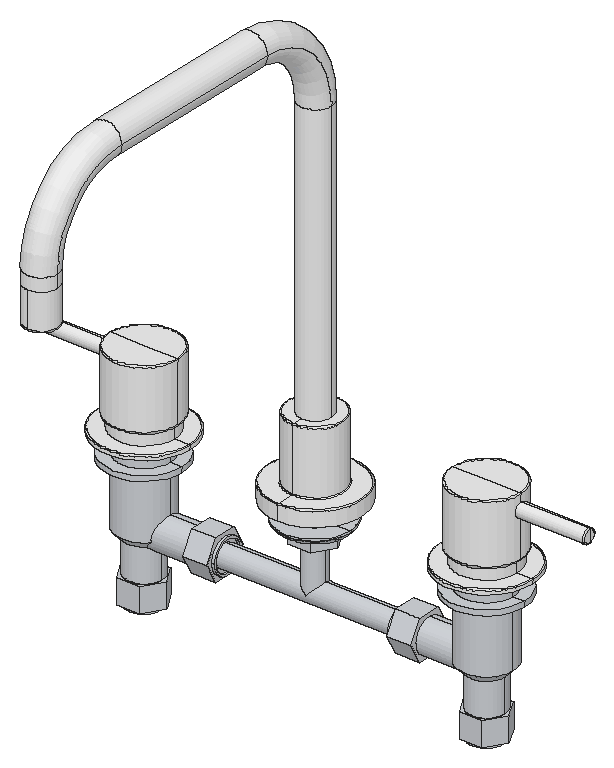
Revit family "Reece_Tap_Sussex_Scala_Square_Sink Set", category Plumbing Fixtures, host Face, Revit 2018
Family settings
  Host = Face
  Round Connector Dimension = Use Diameter
  Part Type = Normal
  Cut with Voids When Loaded = No
  Shared = Yes
  Room Calculation Point = Yes
Parameters (values of type "200 mm_3 Star_Satin Chrome")
  WFU = 0  # constant formula
  URL = "https://www.reece.com.au/product/-2261656"
  Type Comments = "Tap"
  Reece_Tap_Reach = 200 mm  # constant formula
  Reece_Tap_Projection = 80 mm  # constant formula
  Reece_Tap_Inlet = 12 mm  # constant formula
  Reece_Tap_Handle_Spacing [instance] = if(Reece_Tap_Axis Distance < 70 mm, 70 mm, if(Reece_Tap_Axis Distance > 70 mm, Reece_Tap_Axis Distance, Reece_Tap_Axis Distance))  # 100 mm
  Reece_Tap_Handle_Height = 45 mm  # constant formula
  Reece_Tap_Handle_Bottom_Height = 10 mm  # constant formula
  Reece_Tap_Clearance = 180 mm  # constant formula
  Reece_Tap_Axis Distance [instance] = 100 mm
  Reece_Product_Web Page = "https://www.reece.com.au/product/-2261656"
  Reece_Product_Type = "Tap"  # constant formula
  Reece_Product_Sub Brand = "Scala"  # constant formula
  Reece_Product_Number = "2261656"
  Reece_Product_Mount = "Hob Mounted"
  Reece_Product_Description = "Sussex Scala Hob Sink Set Square Satin Chrome (3 Star)"
  Reece_Product_Brand = "Sussex"  # constant formula
  Reece_Overall_Length = 260 mm  # constant formula
  Reece_Overall_Height = 265 mm  # constant formula
  Reece_Overall_Diameter = 19 mm  # constant formula
  Reece_Material_Main = Reece_Brass_Satin Chrome
  Reece_Detail_Type = "Sink Set"  # constant formula
  Reece_Detail_Shape = "Square"  # constant formula
  Reece_Detail_Installation = ""
  Reece_Detail_Disclaimer = "THIS FILE IS THE PROPERTY OF THE REECE GROUP. IT MAY NOT BE REPRODUCED, REVERSE-ENGINEERED OR MODIFIED. ANY REPUBLICATION, TRANSMISSION OR DISTRIBUTION FOR THE PURPOSE OF COMMERCIALLY EXPLOITING THE FILES IS PROHIBITED."  # constant formula
  Reece_Detail_Connector = ""
  Reece_Backplate_Thickness = 2.5 mm  # constant formula
  Model = "Scala"
  Manufacturer = "Sussex"
  Keynote = "Product #2261656, Reece_Tap_Sussex_Scala_Square_Sink Set - 200 mm_3 Star_Satin Chrome"
  HWFU = 0  # constant formula
  Disclaimer = "THIS FILE IS THE PROPERTY OF THE REECE GROUP. IT MAY NOT BE REPRODUCED, REVERSE-ENGINEERED OR MODIFIED. ANY REPUBLICATION, TRANSMISSION OR DISTRIBUTION FOR THE PURPOSE OF COMMERCIALLY EXPLOITING THE FILES IS PROHIBITED."  # constant formula
  Description = "Scala Hob Sink Set Square Satin Chrome (3 Star)"
  Default Elevation = 1000 mm
  CWFU = 0  # constant formula
Types (3, lengths in mm): name | URL | Reece_Product_Web Page | Reece_Product_Number | Reece_Product_Description | Reece_Material_Main | Keynote | Description
  200 mm_3 Star_Chrome | "https://www.reece.com.au/product/-2261611" | "https://www.reece.com.au/product/-2261611" | "2261611" | "Sussex Scala Hob Sink Set Square Chrome (3 Star)" | Reece_Brass_Chrome | "Product #2261611, Reece_Tap_Sussex_Scala_Square_Sink Set - 200 mm_3 Star_Chrome" | "Scala Hob Sink Set Square Chrome (3 Star)"
  200 mm_3 Star_PVD Brushed Platinum Gold | "https://www.reece.com.au/product/-2268276" | "https://www.reece.com.au/product/-2268276" | "2268276" | "Sussex Scala Hob Sink Set Square LUX PVD Brushed Platinum Gold (3 Star)" | Reece_PVD_Brushed_Platinum Gold | "Product #2268276, Reece_Tap_Sussex_Scala_Square_Sink Set - 200 mm_3 Star_PVD Brushed Platinum Gold" | "Scala Hob Sink Set Square LUX PVD Brushed Platinum Gold (3 Star)"
  200 mm_3 Star_Satin Chrome | "https://www.reece.com.au/product/-2261656" | "https://www.reece.com.au/product/-2261656" | "2261656" | "Sussex Scala Hob Sink Set Square Satin Chrome (3 Star)" | Reece_Brass_Satin Chrome | "Product #2261656, Reece_Tap_Sussex_Scala_Square_Sink Set - 200 mm_3 Star_Satin Chrome" | "Scala Hob Sink Set Square Satin Chrome (3 Star)"
Reference planes
  plane 1 "Center (Front/Back)": y = 0
  plane 2 "Bottom": z = 0
  plane 3 "Center (Left/Right)": x = 0
  plane 4 "Top": z = 265
  plane 5: x = -27
  plane 6: x = 27
  plane 7: z = 46
  plane 8: z = 180
  plane 9: x = -12.5
  plane 10: y = -200
  plane 11: x = 12.5
  plane 12: x = -100
  plane 13: x = 100
  plane 14: z = 45
  plane 15: x = -127
  plane 16: x = -73
  plane 17: x = -80
  plane 18: x = -160
  plane 19: x = -9.5
  plane 20: x = 9.5
Forms (mm)
  Revolve 1, solid, material "Reece_Brass_Satin Chrome" <- "Reece_Material_Main"
    sketch origin (0, 0, 0) x (0, -1, 0) y (0, 0, 1)
      loop
        arc (-15.5, 46) -> (-15.854, 45.854) -> (-16, 45.5) r 0.5
        line (-16, 45.5) -> (-16, 9.5)
        arc (-16, 9.5) -> (-16.146, 9.146) -> (-16.5, 9) r 0.5
        line (-16.5, 9) -> (-26.5, 9)
        arc (-26.5, 9) -> (-26.854, 8.854) -> (-27, 8.5) r 0.5
        line (-27, 8.5) -> (-27, 0) -> (0, 0) -> (0, 46) -> (-15.5, 46)
      axis (0, 0) -> (0, 46)
    angle from 0 to 360
  Sweep 2, solid, material "Reece_Brass_Satin Chrome" <- "Reece_Material_Main"
    path origin (0, 0, 0) x (0, -1, 0) y (0, 0, 1)
      loop
        line (200, 201.296) -> (200, 208.655)
        arc (200, 208.655) -> (186.279, 241.779) -> (153.155, 255.5) r 46.845
        line (153.155, 255.5) -> (46.779, 255.5)
        arc (46.779, 255.5) -> (13.701, 241.799) -> (0, 208.721) r 46.779
        line (0, 208.721) -> (0, 9)
    profile origin (0, 0, 108.861) x (-1, 0, 0) y (0, -1, 0)
      loop
        circle (0, 0) r 9.5
  Extrusion 3, void
    sketch origin (0, 0, 0) x (1, 0, 0) y (0, 1, 0)
      loop
        circle (-100, 0) r 12
      loop
        circle (100, 0) r 12
      loop
        circle (0, 0) r 12.5
    from -64.811 to 31.051
  Revolve 4, solid, material "Reece_Brass_Satin Chrome" <- "Reece_Material_Main"
    sketch origin (0, 0, 0) x (0, 1, 0) y (0, 0, 1)
      loop
        line (-209, 180) -> (-208.186, 180) -> (-208.186, 181.162) -> (-207.339, 181.162) -> (-207.027, 180) -> (-200, 180) -> (-200, 201.691) -> (-208.809, 201.691) -> (-209.5, 201) -> (-209.5, 180.5)
        arc (-209.5, 180.5) -> (-209.354, 180.146) -> (-209, 180) r 0.5
      axis (-200, 180) -> (-200, 201.691)
    angle from 0 to 360
  Revolve 5, solid
    sketch origin (-0.266, 0, -0.921) x (1, 0, 0) y (0, 0, 1)
      loop
        line (0, 5.835) -> (0, -47) -> (6.5, -47) -> (6.5, -11.7) -> (18.888, -11.7)
        arc (18.888, -11.7) -> (19.596, -11.407) -> (19.888, -10.7) r 1
        line (19.888, -10.7) -> (19.888, -9.6) -> (20.888, -9.6) -> (20.888, -8.742) -> (10, -8.742) -> (10, 5.835) -> (0, 5.835)
      axis (0, 5.835) -> (0, -47)
    angle from 0 to 360
  Revolve 6, solid
    sketch origin (-0.266, 0, -0.921) x (1, 0, 0) y (0, 0, 1)
      loop
        line (50.612, -47) -> (50.612, -40.5) -> (-66.612, -40.5) -> (-66.612, -37.123) -> (-99.259, -37.123) -> (-99.259, -47) -> (-70.103, -47) -> (50.612, -47)
      loop
        line (66.612, -37.123) -> (66.612, -47) -> (99.893, -47) -> (99.893, -37.123) -> (66.612, -37.123)
      axis (99.893, -47) -> (-99.259, -47)
    angle from 0 to 360
  Extrusion 7, solid
    sketch origin (-121.877, -0.379, -50.802) x (0, 1, 0) y (0, 0, 1)
      loop
        line (-12.921, 2.881) -> (-6.271, -8.637) -> (7.029, -8.637) -> (13.679, 2.881) -> (7.029, 14.399) -> (-6.271, 14.399) -> (-12.921, 2.881)
    from 55 to 69
  Extrusion 8, solid
    sketch origin (-52.877, -0.379, -50.802) x (0, 1, 0) y (0, 0, 1)
      loop
        circle (0.379, 2.881) r 10
      loop
        circle (0.379, 2.881) r 9
    from 0 to 2
  Revolve 9, solid
    sketch origin (-5.012, 0, -0.921) x (1, 0, 0) y (0, 0, 1)
      loop
        line (-110.559, -12.6) -> (-110.559, -48.588) -> (-105.61, -53.538) -> (-105.61, -72.919) -> (-104.007, -74.52) -> (-95, -74.52) -> (-95, 22.835) -> (-105, 22.835) -> (-105, 0.835) -> (-110.559, -2.375) -> (-110.559, -9.6) -> (-117.347, -9.6) -> (-117.347, -12.6) -> (-110.559, -12.6)
      axis (-95, 22.835) -> (-95, -74.52)
    angle from 0 to 360
  Extrusion 10, solid
    sketch origin (-105.012, 0, -73.84) x (0, 1, 0) y (1, 0, 0)
      loop
        line (0.001, 18.3) -> (-11.518, 11.65) -> (-11.518, -1.65) -> (0.001, -8.3) -> (11.519, -1.65) -> (11.519, 11.65) -> (0.001, 18.3)
    from 0 to 14
  Extrusion 11, solid
    sketch origin (-105.012, 0, -87.84) x (-1, 0, 0) y (0, 1, 0)
      loop
        circle (-5, 0.001) r 10
      loop
        circle (-5, 0.001) r 9
    from 0 to 2
  Extrusion 12, solid
    sketch origin (104.989, 0, -73.84) x (0, 1, 0) y (1, 0, 0)
      loop
        line (0.001, 8.3) -> (-11.518, 1.65) -> (-11.518, -11.65) -> (0.001, -18.3) -> (11.519, -11.65) -> (11.519, 1.65) -> (0.001, 8.3)
    from 0 to 14
  Extrusion 13, solid
    sketch origin (104.989, 0, -87.84) x (-1, 0, 0) y (0, 1, 0)
      loop
        circle (5, 0.001) r 10
      loop
        circle (5, 0.001) r 9
    from 0 to 2
  Extrusion 14, solid
    sketch origin (57.346, -0.379, -50.802) x (0, 1, 0) y (0, 0, 1)
      loop
        line (-12.921, 2.881) -> (-6.271, -8.637) -> (7.029, -8.637) -> (13.679, 2.881) -> (7.029, 14.399) -> (-6.271, 14.399) -> (-12.921, 2.881)
    from -5 to 9
  Extrusion 15, solid
    sketch origin (52.346, -0.379, -50.802) x (0, -1, 0) y (0, 0, 1)
      loop
        circle (-0.379, 2.881) r 10
      loop
        circle (-0.379, 2.881) r 9
    from 0 to 2
  Revolve 16, solid
    sketch origin (4.988, 0, -0.921) x (-1, 0, 0) y (0, 0, -1)
      loop
        line (-110.559, 12.6) -> (-117.347, 12.6) -> (-117.347, 9.6) -> (-110.559, 9.6) -> (-110.559, 2.375) -> (-105, -0.835) -> (-105, -22.835) -> (-95, -22.835) -> (-95, 74.52) -> (-104.007, 74.52) -> (-105.61, 72.919) -> (-105.61, 53.538) -> (-110.559, 48.588) -> (-110.559, 12.6)
      axis (-95, -22.835) -> (-95, 74.52)
    angle from 0 to 360
  Extrusion 17, solid
    sketch origin (-0.265, 0, -12.621) x (0, 1, 0) y (1, 0, 0)
      loop
        line (0.001, 13.3) -> (-11.518, 6.65) -> (-11.518, -6.65) -> (0.001, -13.3) -> (11.519, -6.65) -> (11.519, 6.65) -> (0.001, 13.3)
    from 0 to 8.3
Cuts and joins
  joined: Revolve 1, Sweep 2, Revolve 4
  joined: Revolve 5, Revolve 6, Revolve 9, Revolve 16
Text (mm)
  text "Reece Copyright © 2018, Reece Ltd." at (-342.196, -178.801, 0), in view "Ref. Level"
  text "Reece ©" at (44.384, 258.95, 192.345), in view "Reece Preview"
Dimensions and locks
  plane 5 to plane 6 = 54 mm  (x3)
  plane 7 to host face = 46 mm
  "Reece_Overall_Height": plane 4 "Top" to plane 2 "Bottom"
  "Reece_Tap_Clearance": plane 2 "Bottom" to plane 8
  "Reece_Tap_Reach": plane 1 "Center (Front/Back)" to plane 10
  plane 9 to plane 11 = 25 mm  (x2)
  plane 14 to plane 2 "Bottom" = 45 mm
  plane 4 "Top" to plane 2 "Bottom" = 265 mm
  plane 11 to plane 9 = 25 mm
  plane 2 "Bottom" to plane 4 "Top" = 265 mm
  "Reece_Tap_Handle_Spacing": plane 12 to plane 3 "Center (Left/Right)" to plane 13
  nested 1 to nested 1 = 40 mm
  equal spacing: plane 15, plane 12, plane 16
  plane 15 to plane 16 = 54 mm
  "Reece_Tap_Projection": plane 18 to plane 17
  locked: plane 17 to plane 16 at 7
  "Reece_Overall_Diameter": plane 19 to plane 20
  aligned and locked: plane 2 "Bottom" to host face
  aligned and locked: level to host face
  aligned and locked: nested 2 to plane 13
  aligned and locked: nested 1 to plane 12
Automatic sketch dimensions
  host sketch curve to host sketch curve = 380.785 mm
  host sketch curve to host sketch curve = 317.421 mm
  Revolve 1 sketch curve to level = 0 mm
  Revolve 1 sketch curve to plane 7 = 0 mm
  Revolve 1 sketch curve to plane 1 "Center (Front/Back)" = 0 mm  (x2)
  Revolve 1 sketch curve to Revolve 1 sketch curve = 15.5 mm
  Revolve 1 sketch curve to plane 7 = 0.5 mm
  Revolve 1 sketch curve to Revolve 1 sketch curve = 0.5 mm  (x2)
  Revolve 1 sketch curve to Revolve 1 sketch curve = 10 mm
  Revolve 1 sketch curve to Revolve 1 sketch curve = 8.5 mm
  Revolve 1 sketch curve to Revolve 1 sketch curve = 1 mm
  Revolve 1 sketch curve to Revolve 1 sketch curve = 13.278 mm
  Sweep 2 sketch curve to profile plane = 0 mm  (x2)
  plane 1 "Center (Front/Back)" to Extrusion 3 sketch curve = 0 mm  (x3)
  Extrusion 3 sketch curve to plane 12 = 0 mm
  Extrusion 3 sketch curve to plane 3 "Center (Left/Right)" = 0 mm
  Extrusion 3 sketch curve to plane 13 = 0 mm
  plane 8 to Revolve 4 sketch curve = 0 mm  (x3)
  Revolve 4 sketch curve to plane 10 = 0 mm  (x2)
  Revolve 4 sketch curve to Revolve 4 sketch curve = 7.027 mm
  Revolve 4 sketch curve to Revolve 4 sketch curve = 0.311 mm
  Revolve 4 sketch curve to Revolve 4 sketch curve = 0.847 mm
  Revolve 4 sketch curve to plane 10 = 8.809 mm
  Revolve 4 sketch curve to plane 8 = 0.5 mm
  Revolve 4 sketch curve to Revolve 4 sketch curve = 0.814 mm
  Revolve 4 sketch curve to plane 8 = 1.162 mm
  Revolve 4 sketch curve to Revolve 4 sketch curve = 19.838 mm
  Revolve 4 sketch curve to Revolve 4 sketch curve = 0.691 mm
  Revolve 4 sketch curve to Revolve 4 sketch curve = 13.309 mm
  Sweep 2 sketch curve to plane 1 "Center (Front/Back)" = 0 mm
  Sweep 2 sketch curve to plane 10 = 0 mm
  Sweep 2 sketch curve to plane 4 "Top" = 9.5 mm
  plane 1 "Center (Front/Back)" to Sweep 2 sketch curve = 46.779 mm
  Sweep 2 sketch curve to plane 8 = 28.655 mm
  Sweep 2 sketch curve to Sweep 2 sketch curve = 7.359 mm
  level to Sweep 2 sketch curve = 9 mm
  Revolve 5 sketch curve to plane 3 "Center (Left/Right)" = 0.266 mm  (x2)
  plane 20 to Revolve 5 sketch curve = 3.266 mm
  Revolve 5 sketch curve to plane 20 = 0.234 mm
  plane 11 to Revolve 5 sketch curve = 6.123 mm
  Revolve 5 sketch curve to Revolve 5 sketch curve = 1 mm  (x2)
  Revolve 5 sketch curve to level = 47.921 mm
  Revolve 5 sketch curve to level = 12.621 mm
  Revolve 5 sketch curve to Revolve 5 sketch curve = 1.1 mm
  Revolve 5 sketch curve to Revolve 5 sketch curve = 2.958 mm
  level to Revolve 5 sketch curve = 4.914 mm
  Revolve 5 sketch curve to Revolve 5 sketch curve = 9.761 mm
  Revolve 5 sketch curve to Revolve 5 sketch curve = 17.404 mm
  Revolve 6 sketch curve to plane 12 = 0.475 mm
  Revolve 6 sketch curve to plane 16 = 2.631 mm
  Revolve 6 sketch curve to plane 16 = 6.123 mm
  plane 6 to Revolve 6 sketch curve = 23.346 mm
  Revolve 6 sketch curve to Revolve 6 sketch curve = 16 mm
  Revolve 6 sketch curve to plane 13 = 0.373 mm
  Revolve 6 sketch curve to level = 47.921 mm  (x2)
  Revolve 6 sketch curve to Revolve 6 sketch curve = 6.5 mm
  Revolve 6 sketch curve to Revolve 6 sketch curve = 3.377 mm
  Revolve 6 sketch curve to Revolve 6 sketch curve = 9.877 mm
  plane 15 to Revolve 6 sketch curve = 3.266 mm
  plane 13 to Revolve 6 sketch curve = 24.734 mm
  Revolve 6 sketch curve to Revolve 6 sketch curve = 0 mm
  plane 1 "Center (Front/Back)" to Extrusion 7 sketch curve = 13.3 mm
  plane 1 "Center (Front/Back)" to Extrusion 7 sketch curve = 6.65 mm  (x2)
  Extrusion 7 sketch curve to plane 1 "Center (Front/Back)" = 6.65 mm  (x2)
  Extrusion 7 sketch curve to plane 1 "Center (Front/Back)" = 13.3 mm
  Extrusion 7 sketch curve to level = 59.439 mm
  Extrusion 7 sketch curve to Extrusion 7 sketch curve = 11.518 mm  (x3)
  Extrusion 8 sketch curve to Extrusion 8 sketch curve = 0 mm  (x2)
  Extrusion 8 sketch curve to Extrusion 7 = 11.518 mm  (x2)
  Revolve 9 sketch curve to plane 15 = 4.641 mm
  Revolve 9 sketch curve to Revolve 9 sketch curve = 6.788 mm  (x2)
  Revolve 9 sketch curve to level = 3.296 mm
  Revolve 9 sketch curve to Revolve 9 sketch curve = 4.95 mm  (x2)
  Revolve 9 sketch curve to level = 0.086 mm
  Revolve 9 sketch curve to Revolve 9 sketch curve = 5.559 mm
  Revolve 9 sketch curve to Revolve 9 sketch curve = 1.602 mm
  plane 12 to Revolve 9 sketch curve = 0.012 mm  (x2)
  Revolve 9 sketch curve to Revolve 9 sketch curve = 7.226 mm
  Revolve 9 sketch curve to Revolve 9 sketch curve = 3 mm
  Revolve 9 sketch curve to Revolve 9 sketch curve = 35.988 mm
  Revolve 9 sketch curve to Revolve 9 sketch curve = 19.382 mm
  Revolve 9 sketch curve to Revolve 9 sketch curve = 1.601 mm
  Revolve 9 sketch curve to Revolve 9 sketch curve = 0 mm
  level to Revolve 9 sketch curve = 21.914 mm
  Revolve 9 sketch curve to Revolve 9 sketch curve = 38.18 mm
  plane 8 to Revolve 9 sketch curve = 58.621 mm
  plane 1 "Center (Front/Back)" to Extrusion 10 sketch curve = 11.518 mm
  Extrusion 10 sketch curve to plane 1 "Center (Front/Back)" = 0.001 mm  (x2)
  Extrusion 10 sketch curve to plane 1 "Center (Front/Back)" = 11.519 mm
  plane 17 to Extrusion 10 sketch curve = 6.712 mm
  Extrusion 10 sketch curve to plane 12 = 6.638 mm  (x2)
  plane 12 to Extrusion 10 sketch curve = 6.662 mm  (x2)
  Extrusion 10 sketch curve to Extrusion 10 sketch curve = 6.65 mm
  Extrusion 11 sketch curve to Extrusion 11 sketch curve = 0 mm  (x2)
  Extrusion 10 to Extrusion 11 sketch curve = 11.518 mm  (x2)
  plane 1 "Center (Front/Back)" to Extrusion 12 sketch curve = 11.518 mm
  Extrusion 12 sketch curve to plane 1 "Center (Front/Back)" = 0.001 mm  (x2)
  Extrusion 12 sketch curve to plane 1 "Center (Front/Back)" = 11.519 mm
  plane 13 to Extrusion 12 sketch curve = 13.289 mm
  plane 13 to Extrusion 12 sketch curve = 6.639 mm  (x2)
  Extrusion 12 sketch curve to plane 13 = 6.661 mm  (x2)
  Extrusion 12 sketch curve to Extrusion 12 sketch curve = 6.65 mm
  Extrusion 13 sketch curve to Extrusion 13 sketch curve = 0 mm  (x2)
  Extrusion 13 sketch curve to plane 1 "Center (Front/Back)" = 0.001 mm
  Extrusion 13 sketch curve to plane 13 = 0.011 mm
  plane 1 "Center (Front/Back)" to Extrusion 14 sketch curve = 13.3 mm
  plane 1 "Center (Front/Back)" to Extrusion 14 sketch curve = 6.65 mm  (x2)
  Extrusion 14 sketch curve to plane 1 "Center (Front/Back)" = 6.65 mm  (x2)
  Extrusion 14 sketch curve to plane 1 "Center (Front/Back)" = 13.3 mm
  Extrusion 14 sketch curve to level = 59.439 mm
  Extrusion 14 sketch curve to Extrusion 14 sketch curve = 11.518 mm  (x3)
  Extrusion 15 sketch curve to Extrusion 15 sketch curve = 0 mm  (x2)
  Extrusion 15 sketch curve to Extrusion 14 = 11.518 mm  (x2)
  plane 13 to Revolve 16 sketch curve = 22.335 mm
  Revolve 16 sketch curve to Revolve 16 sketch curve = 6.788 mm  (x2)
  Revolve 16 sketch curve to level = 3.296 mm
  Revolve 16 sketch curve to Revolve 16 sketch curve = 4.95 mm  (x2)
  Revolve 16 sketch curve to level = 0.086 mm
  Revolve 16 sketch curve to Revolve 16 sketch curve = 5.559 mm
  Revolve 16 sketch curve to Revolve 16 sketch curve = 1.602 mm
  Revolve 16 sketch curve to plane 13 = 0.012 mm  (x2)
  level to Revolve 16 sketch curve = 21.914 mm
  Revolve 16 sketch curve to Revolve 16 sketch curve = 7.226 mm
  Revolve 16 sketch curve to Revolve 16 sketch curve = 3 mm
  Revolve 16 sketch curve to Revolve 16 sketch curve = 35.988 mm
  Revolve 16 sketch curve to Revolve 16 sketch curve = 19.382 mm
  Revolve 16 sketch curve to Revolve 16 sketch curve = 1.601 mm
  Revolve 16 sketch curve to Revolve 16 sketch curve = 0 mm
  plane 8 to Revolve 16 sketch curve = 58.621 mm
  Revolve 16 sketch curve to Revolve 16 sketch curve = 38.18 mm
  plane 20 to Extrusion 17 sketch curve = 3.116 mm  (x2)
  plane 1 "Center (Front/Back)" to Extrusion 17 sketch curve = 11.518 mm
  Extrusion 17 sketch curve to plane 1 "Center (Front/Back)" = 0.001 mm  (x2)
  Extrusion 17 sketch curve to plane 1 "Center (Front/Back)" = 11.519 mm
  plane 11 to Extrusion 17 sketch curve = 0.534 mm
  Extrusion 17 sketch curve to plane 19 = 2.584 mm  (x2)
  plane 9 to Extrusion 17 sketch curve = 1.066 mm
  radius of Sweep 2 sketch curve = 9.5 mm
  radius of Extrusion 3 sketch curve = 12 mm  (x2)
  radius of Extrusion 3 sketch curve = 12.5 mm
  radius of Extrusion 8 sketch curve = 10 mm
  radius of Extrusion 8 sketch curve = 9 mm
  radius of Extrusion 11 sketch curve = 10 mm
  radius of Extrusion 11 sketch curve = 9 mm
  radius of Extrusion 13 sketch curve = 10 mm
  radius of Extrusion 13 sketch curve = 9 mm
  radius of Extrusion 15 sketch curve = 10 mm
  radius of Extrusion 15 sketch curve = 9 mm
Nested families
  nested 1: "Reece_Tap_Sussex_Scala_Set_Mixer_Nested" at (-100, 0, 0) x (0, 1, 0) z (0, 0, 1), Reece_Backplate_Thickness <- "Reece_Backplate_Thickness", Reece_Tap_Handle_Bottom_Height <- "Reece_Tap_Handle_Bottom_Height", Reece_Tap_Handle_Height <- "Reece_Tap_Handle_Height", Reece_Tap_Projection <- "Reece_Tap_Projection", Reece_Material_Main <- "Reece_Material_Main", type "Reece_Tap_Sussex_Scala_Set_Mixer_Nested"
    with Reece_Tap_Projection 80 mm, Reece_Tap_Handle_Height 45 mm, Reece_Tap_Handle_Bottom_Height 10 mm, Reece_Material_Main Reece_Brass_Satin Chrome, Reece_Backplate_Thickness 2.5 mm
  nested 2: "Reece_Tap_Sussex_Scala_Set_Mixer_Nested" at (100, 0, 0) x (0, 1, 0) z (0, 0, 1), Reece_Backplate_Thickness <- "Reece_Backplate_Thickness", Reece_Tap_Handle_Bottom_Height <- "Reece_Tap_Handle_Bottom_Height", Reece_Tap_Handle_Height <- "Reece_Tap_Handle_Height", Reece_Tap_Projection <- "Reece_Tap_Projection", Reece_Material_Main <- "Reece_Material_Main", type "Reece_Tap_Sussex_Scala_Set_Mixer_Nested"
    with Reece_Tap_Projection 80 mm, Reece_Tap_Handle_Height 45 mm, Reece_Tap_Handle_Bottom_Height 10 mm, Reece_Material_Main Reece_Brass_Satin Chrome, Reece_Backplate_Thickness 2.5 mm
Connectors
  piping at (-100.012, 0.001, -89.84), diameter 12, driven by "Reece_Tap_Inlet"
    settings: on Extrusion 11, index 1, connector inside diameter 609.6 mm, connector length 0 mm, flow factor 0, pipe flow 0.0 L/s, pressure drop 0.0 Pa, fitting loss kfactor 0, connector angle 0.00°, fixture units 0, engagement length 0 mm, angle of deflection 0.00°, flow configuration 0, flow direction 1, fitting loss method 0, system type 29, joint type 0, gender type 0, connector reference index -1, connector utility 0, adjustable connector no, is connector primary yes, connector description ""
  piping at (99.989, 0.001, -89.84), diameter 12, driven by "Reece_Tap_Inlet"
    settings: on Extrusion 13, index 2, connector inside diameter 609.6 mm, connector length 0 mm, flow factor 0, pipe flow 0.0 L/s, pressure drop 0.0 Pa, fitting loss kfactor 0, connector angle 0.00°, fixture units 0, engagement length 0 mm, angle of deflection 0.00°, flow configuration 0, flow direction 1, fitting loss method 0, system type 29, joint type 0, gender type 0, connector reference index -1, connector utility 0, adjustable connector no, is connector primary no, connector description ""
Definition of nested family "Reece_Tap_Sussex_Scala_Set_Mixer_Nested"
  Parameters (values of type "Reece_Tap_Sussex_Scala_Set_Mixer_Nested")
    Waste Connection = no
    WFU = 0
    Vent Connection = no
    URL = ""
    Type Comments = ""
    Reece_Tap_Projection [instance] = 80 mm
    Reece_Tap_Handle_Height [instance] = 45 mm
    Reece_Tap_Handle_Bottom_Height [instance] = 8 mm
    Reece_Material_Main [instance] = none
    Reece_Backplate_Thickness [instance] = 3 mm
    Model = ""
    Manufacturer = ""
    Keynote = ""
    HWFU = 0
    HW Connection = no
    Description = ""
    Default Elevation = 0 mm
    Cost = 0
    CWFU = 0
    CW Connection = no
    Assembly Code = ""
  Reference planes
    plane 1 "Center (Front/Back)": y = 0
    plane 2 "Bottom": z = 0
    plane 3 "Center (Left/Right)": x = 0
    plane 4: y = -27
    plane 5: y = 27
    plane 6: y = -20
    plane 7: y = 20
    plane 8: z = 36.5
    plane 9: x = -27
    plane 10: x = 27
    plane 11: y = 60
    plane 12: z = 45
    plane 13: z = 3
    plane 14: x = -20
    plane 15: x = 20
    plane 16: z = 8
  Forms (mm)
    Extrusion 1, solid
      sketch origin (619.2, -619.2, 0) x (1, 0, 0) y (0, 1, 0)
        loop
          line (-809.2, 779.2) -> (-809.2, 461.779) -> (-428.415, 461.779) -> (-428.415, 779.2) -> (-809.2, 779.2)
      from 0 to -9.564
    Revolve 2, solid, material <- "Reece_Material_Main"
      sketch origin (0, 0, 0) x (0, 1, 0) y (0, 0, 1)
        loop
          line (0, 0) -> (0, 45) -> (-19.5, 45)
          arc (-19.5, 45) -> (-19.854, 44.854) -> (-20, 44.5) r 0.5
          line (-20, 44.5) -> (-20, 8.5)
          arc (-20, 8.5) -> (-19.854, 8.146) -> (-19.5, 8) r 0.5
          line (-19.5, 8) -> (-17.75, 8) -> (-17.75, 3) -> (-26.5, 3)
          arc (-26.5, 3) -> (-26.854, 2.854) -> (-27, 2.5) r 0.5
          line (-27, 2.5) -> (-27, 0) -> (0, 0)
        axis (0, 45) -> (0, 0)
      angle from 0 to 360
    Revolve 3, solid, material <- "Reece_Material_Main"
      sketch origin (0, 0, 0) x (0, -1, 0) y (0, 0, -1)
        loop
          line (0, -36.5) -> (-60, -36.5) -> (-60, -40)
          arc (-60, -40) -> (-59.854, -40.354) -> (-59.5, -40.5) r 0.5
          line (-59.5, -40.5) -> (0, -40.5) -> (0, -36.5)
        axis (0, -36.5) -> (-60, -36.5)
      angle from 0 to 360
  Cuts and joins
    joined: Revolve 2, Revolve 3
  Text (mm)
    text "Reece Copyright © 2018, Reece Ltd." at (-1403.988, -1192.393, 0), in view "Ref. Level"
    text "Reece ©" at (44.384, 258.95, 192.345), in view "Reece Preview"
  Dimensions and locks
    locked: plane 12 to plane 8 at 8.5
    "Reece_Backplate_Thickness": plane 13 to plane 2 "Bottom"
    "Reece_Tap_Handle_Height": plane 12 to plane 2 "Bottom"
    "Reece_Tap_Projection": plane 11 to plane 6
    plane 7 to plane 6 = 40 mm
    "Reece_Tap_Handle_Bottom_Height": plane 2 "Bottom" to plane 16
    aligned and locked: plane 2 "Bottom" to Extrusion 1
    aligned and locked: level to Extrusion 1
    aligned and locked: Revolve 2 sketch curve to plane 12
    aligned and locked: plane 13 to Revolve 2 sketch curve
    aligned and locked: plane 16 to cut or joined group of Revolve 2, Revolve 3
  Automatic sketch dimensions
    Extrusion 1 sketch curve to Extrusion 1 sketch curve = 380.785 mm
    Extrusion 1 sketch curve to Extrusion 1 sketch curve = 317.421 mm
    plane 8 to Revolve 3 sketch curve = 0 mm
    Revolve 3 sketch curve to plane 11 = 0 mm
    Revolve 3 sketch curve to plane 8 = 0 mm
    Revolve 3 sketch curve to plane 1 "Center (Front/Back)" = 0 mm
    plane 11 to Revolve 3 sketch curve = 0.5 mm
    plane 8 to Revolve 3 sketch curve = 3.5 mm
    Revolve 3 sketch curve to plane 1 "Center (Front/Back)" = 5 mm
    Revolve 3 sketch curve to Revolve 3 sketch curve = 5 mm
    level to Revolve 2 sketch curve = 0 mm
    Revolve 2 sketch curve to plane 4 = 0 mm
    Revolve 2 sketch curve to plane 6 = 0 mm
    Revolve 2 sketch curve to plane 1 "Center (Front/Back)" = 0 mm  (x2)
    plane 4 to Revolve 2 sketch curve = 0.5 mm
    Revolve 2 sketch curve to Revolve 2 sketch curve = 0.5 mm  (x2)
    Revolve 2 sketch curve to Revolve 2 sketch curve = 1.75 mm
    Revolve 2 sketch curve to Revolve 2 sketch curve = 5 mm
    Revolve 2 sketch curve to level = 20 mm
    plane 13 to Revolve 2 sketch curve = 10 mm
